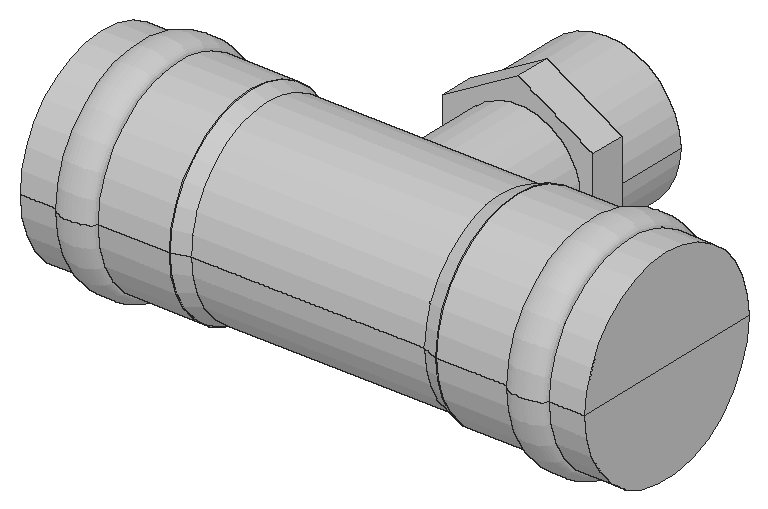
Revit family "VTi.933.I_Пресс-тройник с наруж резьбой_Нерж_VALTEC", category Обобщенные модели, Revit 2023
Family settings
  Может служить основой для арматурных стержней = Нет
  Размер круглого соединителя = Использовать диаметр
  Тип детали = Нормальный
  На основе рабочей плоскости = Нет
  Всегда вертикально = Да
  При загрузке вырезать с полостями = Нет
  Сохранять ориентацию аннотаций = Нет
  Общий = Нет
  Точка принадлежности помещению = Нет
Parameters
  Отметка по умолчанию = 0.00 mm
  l7 [instance] = size_lookup(LT, "l7", 7.00 mm, dn1, dn2)  # 10.04 mm
  l6 [instance] = size_lookup(LT, "l6", 15.50 mm, dn1, dn2)  # 21.00 mm
  l5 [instance] = size_lookup(LT, "l5", 29.92 mm, dn1, dn2)  # 65.66 mm
  l4 [instance] = size_lookup(LT, "l4", 3.85 mm, dn1, dn2)  # 4.67 mm
  l3 [instance] = size_lookup(LT, "l3", 9.68 mm, dn1, dn2)  # 20.30 mm
  l2 [instance] = size_lookup(LT, "l2", 6.50 mm, dn1, dn2)  # 11.39 mm
  l1 [instance] = size_lookup(LT, "l1", 6.52 mm, dn1, dn2)  # 10.30 mm
  h_выступа [instance] = size_lookup(LT, "h_выступа", 2.50 mm, dn1, dn2)  # 4.20 mm
  dn2 [instance] = 35 mm
  dn1 [instance] = 54 mm
  d_гайки [instance] = size_lookup(LT, "d_гайки", 25.40 mm, dn1, dn2)  # 49.00 mm
  d4 [instance] = size_lookup(LT, "d4", 20.5 mm, dn1, dn2)  # 42 mm
  d2 [instance] = size_lookup(LT, "d2", 15 mm, dn1, dn2)  # 35 mm
  d1 [instance] = size_lookup(LT, "d1", 15 mm, dn1, dn2)  # 54 mm
  d [instance] = size_lookup(LT, "d", 17.8 mm, dn1, dn2)  # 57.4 mm
  LT = "VTi.933.I_Пресс-тройник с наруж резьбой_Нерж_VALTEC"  # constant formula
  L [instance] = size_lookup(LT, "L", 35.56 mm, dn1, dn2)  # 78.00 mm
  ADSK_Примечание [instance] = ""
  ADSK_Позиция [instance] = ""
  ADSK_Обозначение [instance] = ADSK_Марка  # "VTi.933.I.540754"
  ADSK_Наименование [instance] = size_lookup(LT, "", "Типоразмер не найден", dn1, dn2)  # "Фитинг из нержавеющей стали - пресс-тройник с наружной резьбой 54 мм х 1 1/4\""
  ADSK_Материал = Сталь, нержавеющая - VALTEC
  ADSK_Масса [instance] = size_lookup(LT, "ADSK_Масса", 0, dn1, dn2)  # 0.377
  ADSK_Марка [instance] = size_lookup(LT, "ADSK_Марка", "Типоразмер не найден", dn1, dn2)  # "VTi.933.I.540754"
  ADSK_Количество = 1  # constant formula
  ADSK_Код изделия [instance] = "VTi.933.I"  # constant formula
  ADSK_Завод-изготовитель [instance] = "VALTEC"  # constant formula
  ADSK_Единица измерения = "шт."  # constant formula
Reference planes
  plane 1 "По центру (Вперед/Назад)": y = 0
  plane 2: z = 0
  plane 3 "По центру (Влево/Вправо)": x = 0
  plane 4: x = 17.75
  plane 5: x = -32.83
  plane 6: x = -37.5
  plane 7: x = 32.83
  plane 8: x = 37.5
  plane 9: y = 57
  plane 10: y = 78
  plane 11: y = 46.96
Forms (mm)
  SweptBlend 1, solid, material "Сталь, нержавеющая - VALTEC" <- "ADSK_Материал"
    path in 3D
      loop
        line (-37.5, 0, 0) -> (-32.83, 0, 0)
    profile origin (-37.5, 0, 0) x (0, 1, 0) y (0, 0, 1)
      loop
        circle (0, 0) r 28.7
    end profile origin (-32.83, 0, 0) x (0, 1, 0) y (0, 0, 1)
      loop
        circle (0, 0) r 27
  SweptBlend 2, solid, material "Сталь, нержавеющая - VALTEC" <- "ADSK_Материал"
    path in 3D
      loop
        line (32.83, 0, 0) -> (37.5, 0, 0)
    profile origin (32.83, 0, 0) x (0, 1, 0) y (0, 0, 1)
      loop
        circle (0, 0) r 27
    end profile origin (37.5, 0, 0) x (0, 1, 0) y (0, 0, 1)
      loop
        circle (0, 0) r 28.7
  Sweep 3, solid, material "Сталь, нержавеющая - VALTEC" <- "ADSK_Материал"
    path in 3D
      loop
        line (-32.83, 0, 0) -> (32.83, 0, 0)
    profile origin (0, 0, 0) x (0, 1, 0) y (0, 0, 1)
      loop
        circle (0, 0) r 27
  Sweep 4, solid, material "Сталь, нержавеющая - VALTEC" <- "ADSK_Материал"
    path in 3D
      loop
        line (0, 46.96, 0) -> (0, 0, 0)
    profile origin (0, 23.48, 0) x (1, 0, 0) y (0, 0, 1)
      loop
        circle (0, 0) r 17.5
  Sweep 5, solid, material "Сталь, нержавеющая - VALTEC" <- "ADSK_Материал"
    path in 3D
      loop
        line (0, 78, 0) -> (0, 57, 0)
    profile origin (0, 67.5, 0) x (1, 0, 0) y (0, 0, 1)
      loop
        circle (0, 0) r 21
Cuts and joins
  joined: SweptBlend 1, SweptBlend 2, Sweep 3, Sweep 4
Lines and regions (mm)
  model lines
    curve 1: line (-37.5, 0, 0) -> (-32.83, 0, 0)
    curve 2: line (-32.83, 0, 0) -> (32.83, 0, 0)
    curve 3: line (32.83, 0, 0) -> (37.5, 0, 0)
    curve 4: line (0, 46.96, 0) -> (0, 0, 0)
    curve 5: line (0, 78, 0) -> (0, 57, 0)
    curve 11: line (0, 49.96, 0) -> (0, 46.96, 0)
  sketch lines
    curve 6: line (-37.5, 0, 0) -> (-32.83, 0, 0)
    curve 7: line (32.83, 0, 0) -> (37.5, 0, 0)
    curve 8: line (-32.83, 0, 0) -> (32.83, 0, 0)
    curve 9: line (0, 46.96, 0) -> (0, 0, 0)
    curve 10: line (0, 78, 0) -> (0, 57, 0)
Dimensions and locks
  equal spacing: plane 5, plane 3 "По центру (Влево/Вправо)", plane 7
  "l5": plane 5 to plane 7
  "l4": plane 6 to plane 5
  "l4": plane 7 to plane 8
  "L": plane 1 "По центру (Вперед/Назад)" to plane 10
  "l6": plane 10 to plane 9
  "l7": plane 9 to plane 11
  "d": diameter of SweptBlend 1 sketch curve
  "d1": diameter of SweptBlend 1 sketch curve
  "d1": diameter of SweptBlend 2 sketch curve
  "d": diameter of SweptBlend 2 sketch curve
  "d1": diameter of Sweep 3 sketch curve
  "d2": diameter of Sweep 4 sketch curve
  "d4": diameter of Sweep 5 sketch curve
  aligned and locked: level to plane 2
  aligned and locked: plane 1 "По центру (Вперед/Назад)" to nested 1
  aligned and locked: nested 1 to plane 6
  aligned and locked: nested 2 to plane 8
  aligned and locked: nested 2 to plane 1 "По центру (Вперед/Назад)"
  aligned and locked: plane 6 to curve 1
  aligned and locked: plane 5 to curve 2
  aligned and locked: plane 7 to curve 3
  aligned and locked: plane 8 to curve 3
  aligned and locked: plane 1 "По центру (Вперед/Назад)" to curve 1
  aligned and locked: plane 1 "По центру (Вперед/Назад)" to curve 2
  aligned and locked: plane 1 "По центру (Вперед/Назад)" to curve 3
  aligned and locked: plane 10 to curve 5
  aligned and locked: curve 4 to plane 3 "По центру (Влево/Вправо)"
  aligned and locked: curve 5 to plane 3 "По центру (Влево/Вправо)"
  aligned and locked: plane 9 to curve 5
  aligned and locked: plane 11 to curve 11
  aligned and locked: curve 11 to plane 3 "По центру (Влево/Вправо)"
  aligned and locked: nested 3 to plane 11
Automatic sketch dimensions
  plane 11 to curve 11 = 3.00 mm
  SweptBlend 1 sketch curve to profile plane = 0.00 mm  (x4)
  SweptBlend 2 sketch curve to profile plane = 0.00 mm  (x4)
  Sweep 3 sketch curve to profile plane = 0.00 mm  (x2)
  profile plane to Sweep 4 sketch curve = 0.00 mm
  Sweep 4 sketch curve to profile plane = 0.00 mm
  profile plane to Sweep 5 sketch curve = 0.00 mm
  Sweep 5 sketch curve to profile plane = 0.00 mm
Nested families
  nested 1: "Патрубок_без преехода" at (-37.5, 0, 0), d <- "d", l1 <- "l1", l2 <- "l2", l3 <- "l3", ADSK_Материал <- "ADSK_Материал", type "Патрубок_без преехода"
    with l3 20.30 mm, l2 11.39 mm, l1 10.30 mm, h_выступа 2.50 mm, d 57.40 mm, ADSK_Материал Сталь, нержавеющая - VALTEC
  nested 2: "Патрубок_без преехода" at (37.5, 0, 0) x (-1, 0, 0) z (0, 0, 1), d <- "d", l1 <- "l1", l2 <- "l2", l3 <- "l3", ADSK_Материал <- "ADSK_Материал", type "Патрубок_без преехода"
    with l3 20.30 mm, l2 11.39 mm, l1 10.30 mm, h_выступа 2.50 mm, d 57.40 mm, ADSK_Материал Сталь, нержавеющая - VALTEC
  nested 3: "Гайка_6 сторон" at (0, 46.96, 0), L <- "l7", d <- "d_гайки", ADSK_Материал <- "ADSK_Материал", type "Гайка_6 сторон"
    with m 42.435 mm, d 49.00 mm, L 10.04 mm, ADSK_Материал Сталь, нержавеющая - VALTEC
Connectors
  piping at (0, 78, 0), diameter 35, driven by "dn2"
    settings: on Sweep 5, index 1, connector inside diameter 609.6 mm, connector length 0.00 mm, flow factor 0, pipe flow 0.0 L/s, pressure drop 0.0 Pa, fitting loss kfactor 0, connector angle 0.00°, fixture units 0, engagement length 0.00 mm, angle of deflection 0.00°, flow configuration 0, flow direction 0, fitting loss method 0, system type 28, joint type 0, gender type 0, connector reference index -1, connector utility 0, adjustable connector no, is connector primary yes, connector description ""
  piping at (79.49, 0, 0), diameter 54, driven by "dn1"
    settings: on nested 2, index 2, connector inside diameter 609.6 mm, connector length 0.00 mm, flow factor 0, pipe flow 0.0 L/s, pressure drop 0.0 Pa, fitting loss kfactor 0, connector angle 0.00°, fixture units 0, engagement length 0.00 mm, angle of deflection 0.00°, flow configuration 0, flow direction 0, fitting loss method 0, system type 28, joint type 0, gender type 0, connector reference index -1, connector utility 0, adjustable connector no, is connector primary no, connector description ""
  piping at (-79.49, 0, 0), diameter 54, driven by "dn1"
    settings: on nested 1, index 3, connector inside diameter 609.6 mm, connector length 0.00 mm, flow factor 0, pipe flow 0.0 L/s, pressure drop 0.0 Pa, fitting loss kfactor 0, connector angle 0.00°, fixture units 0, engagement length 0.00 mm, angle of deflection 0.00°, flow configuration 0, flow direction 0, fitting loss method 0, system type 28, joint type 0, gender type 0, connector reference index -1, connector utility 0, adjustable connector no, is connector primary no, connector description ""
Definition of nested family "Патрубок_без преехода"
  Parameters (values of type "Патрубок_без преехода")
    Default Elevation = 0.00 mm
    l3 [instance] = 8.00 mm
    l2 [instance] = 7.00 mm
    l1 [instance] = 5.50 mm
    h_выступа [instance] = 2.50 mm
    d [instance] = 14.70 mm
    ADSK_Материал [instance] = none
  Reference planes
    plane 1 "По центру (Вперед/Назад)": y = 0
    plane 2: z = 0
    plane 3 "По центру (Влево/Вправо)": x = 0
    plane 4: y = 7.35
    plane 5: y = -7.35
    plane 6: x = -8
    plane 7: x = -15
    plane 8: x = -20.5
  Forms (mm)
    Revolve 1, solid, material <- "ADSK_Материал"
      sketch origin (0, 0, 0) x (1, 0, 0) y (0, 1, 0)
        loop
          line (-20.5, 0) -> (0, 0) -> (0, 7.35) -> (-8, 7.35)
          spline (-8, 7.35) -> (-8.119, 7.997) -> (-8.469, 8.6) -> (-9.025, 9.118) -> (-9.75, 9.515) -> (-10.594, 9.765) -> (-11.5, 9.85) -> (-12.406, 9.765) -> (-13.25, 9.515) -> (-13.975, 9.118) -> (-14.531, 8.6) -> (-14.881, 7.997) -> (-15, 7.35)
          line (-15, 7.35) -> (-20.5, 7.35) -> (-20.5, 0)
        axis (-20.5, 0) -> (0, 0)
      angle from 0 to 360
  Lines and regions (mm)
    model lines
      curve 1: line (-20.5, 0, 0) -> (0, 0, 0)
  Dimensions and locks
    equal spacing: plane 5, plane 1 "По центру (Вперед/Назад)", plane 4
    "d": plane 5 to plane 4
    "l2": plane 7 to plane 6
    "l1": plane 8 to plane 7
    "h_выступа": Revolve 1 sketch curve to Revolve 1 sketch curve
    "l3": plane 6 to plane 3 "По центру (Влево/Вправо)"
    aligned and locked: level to plane 2
    aligned and locked: plane 8 to curve 1
    aligned and locked: plane 1 "По центру (Вперед/Назад)" to curve 1
    aligned and locked: plane 8 to Revolve 1 sketch curve
    aligned and locked: plane 4 to Revolve 1 sketch curve  (x2)
    aligned and locked: Revolve 1 sketch curve to plane 1 "По центру (Вперед/Назад)"
    aligned and locked: Revolve 1 sketch curve to curve 1
  Automatic sketch dimensions
    curve 1 to plane 6 = 8.00 mm
    Revolve 1 sketch curve to plane 8 = 0.00 mm
    Revolve 1 sketch curve to plane 7 = 0.00 mm
    Revolve 1 sketch curve to plane 6 = 0.00 mm
    Revolve 1 sketch curve to plane 3 "По центру (Влево/Вправо)" = 0.00 mm  (x2)
Definition of nested family "Гайка_6 сторон"
  Parameters (values of type "Гайка_6 сторон")
    Default Elevation = 0.00 mm
    m [instance] = (d / 2) / (2 * tan(180.00° / 6)) * 2  # 12.99 mm
    d [instance] = 15.00 mm
    L [instance] = 15.008 mm
    ADSK_Материал [instance] = none
  Reference planes
    plane 1 "По центру (Вперед/Назад)": y = 0
    plane 2: z = 0
    plane 3 "По центру (Влево/Вправо)": x = 0
    plane 4: x = -6.495
    plane 5: x = 6.495
    plane 6: z = 7.5
    plane 7: z = -7.5
    plane 8: through (-4.434, -1524, 2.56) normal (0.5, 0, 0.866)
    plane 9: through (4.434, -1524, 2.56) normal (0.5, 0, -0.866)
    plane 10: through (-1.187, -1524, 8.185) normal (0.5, 0, 0.866)
    plane 11: through (-7.682, -1524, -3.065) normal (0.5, 0, 0.866)
    plane 12: through (1.187, -1524, 8.185) normal (0.5, 0, -0.866)
    plane 13: through (7.682, -1524, -3.065) normal (0.5, 0, -0.866)
    plane 14: y = 15.008
  Forms (mm)
    Extrusion 1, solid, material <- "ADSK_Материал"
      sketch origin (0, 0, 0) x (1, 0, 0) y (0, 0, 1)
        loop
          line (0, 7.5) -> (-6.495, 3.75) -> (-6.495, -3.75) -> (0, -7.5) -> (6.495, -3.75) -> (6.495, 3.75) -> (0, 7.5)
      from -15.008 to 0
  Dimensions and locks
    equal spacing: plane 5, plane 3 "По центру (Влево/Вправо)", plane 4
    "m": plane 5 to plane 4
    equal spacing: plane 6, plane 2, plane 7
    "d": plane 6 to plane 7
    equal spacing: plane 12, plane 9, plane 13
    "m": plane 12 to plane 13
    equal spacing: plane 10, plane 8, plane 11
    "m": plane 10 to plane 11
    "L": plane 1 "По центру (Вперед/Назад)" to plane 14
    aligned and locked: level to plane 2
    aligned and locked: Extrusion 1 sketch curve to plane 4
    aligned and locked: plane 12 to Extrusion 1 sketch curve
    aligned and locked: plane 10 to Extrusion 1 sketch curve
    aligned and locked: Extrusion 1 sketch curve to plane 5
    aligned and locked: Extrusion 1 sketch curve to plane 13
    aligned and locked: Extrusion 1 sketch curve to plane 11
    aligned and locked: plane 1 "По центру (Вперед/Назад)" to Extrusion 1
    aligned and locked: plane 14 to Extrusion 1
Types in the file's own list only (14): name | Отметка по умолчанию
  Фитинг из нержавеющей стали - пресс-тройник с наружной резьбой 15 мм х 1/2" | 0.00 мм
  Фитинг из нержавеющей стали - пресс-тройник с наружной резьбой 18 мм х 1/2" | 0.00 мм
  Фитинг из нержавеющей стали - пресс-тройник с наружной резьбой 18 мм х 3/4" | 0.00 мм
  Фитинг из нержавеющей стали - пресс-тройник с наружной резьбой 22 мм х 1/2" | 0.00 мм
  Фитинг из нержавеющей стали - пресс-тройник с наружной резьбой 22 мм х 3/4" | 0.00 мм
  Фитинг из нержавеющей стали - пресс-тройник с наружной резьбой 28 мм х 1/2" | 0.00 мм
  Фитинг из нержавеющей стали - пресс-тройник с наружной резьбой 28 мм х 3/4" | 0.00 мм
  Фитинг из нержавеющей стали - пресс-тройник с наружной резьбой 28 мм х 1" | 0.00 мм
  Фитинг из нержавеющей стали - пресс-тройник с наружной резьбой 35 мм х 1" | 0.00 мм
  Фитинг из нержавеющей стали - пресс-тройник с наружной резьбой 35 мм х 1 1/4" | 0.00 мм
  Фитинг из нержавеющей стали - пресс-тройник с наружной резьбой 42 мм х 1" | 0.00 мм
  Фитинг из нержавеющей стали - пресс-тройник с наружной резьбой 42 мм х 1 1/4" | 0.00 мм
  Фитинг из нержавеющей стали - пресс-тройник с наружной резьбой 54 мм х 1" | 0.00 мм
  Фитинг из нержавеющей стали - пресс-тройник с наружной резьбой 54 мм х 1 1/4" | 0.00 мм
